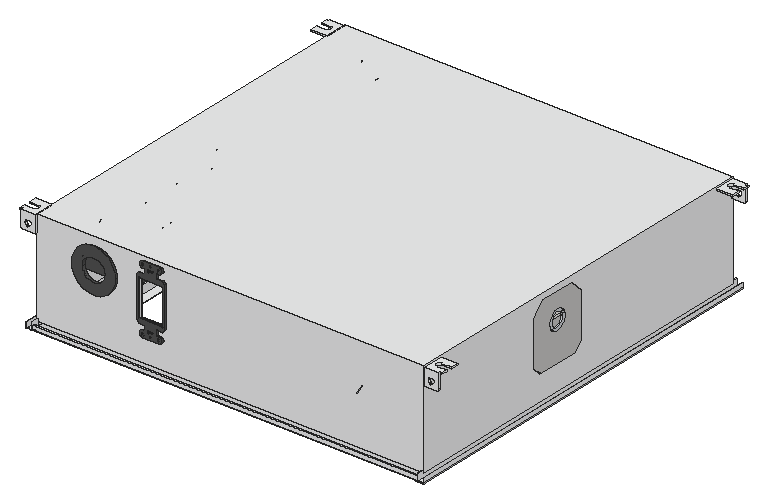
Revit family "AV-Connectivity_Ceiling-Boxes_CB-22_FSR", category Specialty Equipment, host Ceiling, Revit 2026
Family settings
  Host = Ceiling
  Round Connector Dimension = Use Diameter
  Part Type = Normal
  Classification Number = 23.80.00.00
  Enable Cutting in Views = No
  Always vertical = Yes
  Cut with Voids When Loaded = No
  Maintain Annotation Orientation = No
  Shared = No
  Room Calculation Point = No
Parameters
  URL = "https://fsrinc.com"
  Specification = "https://www.arcat.com/company/fsr-inc-40389/spec"
  Product Page URL = "https://www.arcat.com/company/fsr-inc-40389"
  Offset from Ceiling [instance] = 0' - 0"
  Model = "CB-22"
  Manufacturer = "FSR Inc."
  Keynote = "26 27 26"
  Default Elevation = 0' - 0"
  Copyright = "ARCAT"
  CAD Details = "https://www.arcat.com/company/fsr-inc-40389/cad"
Reference planes (in)
  plane 1 "Center (Front/Back)": y = 0
  plane 2 "Ceiling": z = 96
  plane 3 "Center (Left/Right)": x = 0
  plane 4: x = -11.53678
  plane 5: y = -11.46482
  plane 6: y = 11.46482
  plane 7: x = 11.53678
  plane 8: z = 94.39097
  plane 9: z = 102
  plane 10: z = 96
Forms (in)
  Extrusion 1, void
    sketch origin (0, 0, 96) x (1, 0, 0) y (0, 1, 0)
      loop
        line (11.53678, 11.46482) -> (-11.53678, 11.46482) -> (-11.53678, -11.46482) -> (11.53678, -11.46482) -> (11.53678, 11.46482)
    from -1.60903 to 6
Dimensions and locks (in)
  equal spacing: host sketch curve, plane 3 "Center (Left/Right)", host sketch curve
  equal spacing: host sketch curve, plane 1 "Center (Front/Back)", host sketch curve
  host sketch curve to host sketch curve = 10' - 0"  (x2)
  locked: plane 2 "Ceiling" to plane 8 at 1.60903
  "Offset from Ceiling": plane 2 "Ceiling" to plane 10
  locked: plane 9 to plane 10 at 6
  aligned and locked: plane 1 "Center (Front/Back)" to nested 1
  aligned and locked: Extrusion 1 sketch curve to plane 6
  aligned and locked: Extrusion 1 sketch curve to plane 4
  aligned and locked: Extrusion 1 sketch curve to plane 7
  aligned and locked: Extrusion 1 sketch curve to plane 5
  aligned and locked: Extrusion 1 to plane 8
  aligned and locked: plane 9 to Extrusion 1
  aligned and locked: plane 3 "Center (Left/Right)" to nested 1
  aligned and locked: plane 10 to nested 1
Nested families (in)
  nested 1: "CB-22-1" at (0, 0, 96.27602), type "CB-22"
Definition of nested family "CB-22-1"
  Parameters (values of type "CB-22")
    White = none
    Tray = none
    Black = none
    Default Elevation = 4' - 0"
    Box Material = none
  Reference planes (in)
    plane 1 "Center (Front/Back)": y = 0
    plane 2: z = 0
    plane 3 "Center (Left/Right)": x = 0
    plane 4: x = -11.845
    plane 5: x = 11.845
    plane 6: x = -11.53678
    plane 7: x = -11.46647
    plane 8: x = 11.53678
    plane 9: x = 11.45677
    plane 10: x = 8.74409
    plane 11: x = -9.07311
    plane 12: x = 9.36913
    plane 13: x = -9.69989
    plane 14: y = 11.82285
    plane 15: y = -11.86665
    plane 16: z = 0
    plane 17: y = 10.74788
    plane 18: y = -10.79178
    plane 19: y = 11.39372
    plane 20: y = -11.39372
    plane 21: z = -2.18132
    plane 22: z = 8.12417
  Forms (in)
    Extrusion 1, solid, material <- "Box Material"
      sketch origin (0, -19.78167, 0) x (0, -1, 0) y (1, 0, 0)
        loop
          line (-31.2465, -11.53678) -> (-8.31685, -11.53678) -> (-8.31685, 11.53678) -> (-31.2465, 11.53678) -> (-31.2465, -11.53678)
        loop
          line (-31.17539, -11.46647) -> (-8.38795, -11.46647) -> (-8.38795, 11.45677) -> (-31.17539, 11.45677) -> (-31.17539, -11.46647)
      from 5.68838 to 0
    Sweep 2, solid, material <- "Box Material"
      path origin (0, -19.78167, 0) x (0, -1, 0) y (1, 0, 0)
        loop
          line (-31.60452, -11.46647) -> (-7.91502, -11.46647)
      profile origin (-11.46647, -0.0219, 0) x (1, 0, 0) y (0, 0, 1)
        loop
          line (-0.34263, 0) -> (-0.37853, 0) -> (-0.37853, -0.26802)
          arc (-0.37853, -0.26802) -> (-0.36567, -0.29906) -> (-0.33463, -0.31192) r 0.0439
          line (-0.33463, -0.31192) -> (-0.04241, -0.31192)
          arc (-0.04241, -0.31192) -> (-0.01568, -0.30284) -> (0, -0.27937) r 0.0439
          line (0, -0.27937) -> (0, 0.12611) -> (-0.03441, 0.12611) -> (-0.03441, -0.27602) -> (-0.34263, -0.27602) -> (-0.34263, 0)
    Extrusion 3, solid, material <- "Box Material"
      sketch origin (0, -19.78167, 11.30646) x (0, -1, 0) y (1, 0, 0)
        loop
          line (-31.17539, -11.46647) -> (-8.38795, -11.46647) -> (-8.38795, 11.45677) -> (-31.17539, 11.45677) -> (-31.17539, -11.46647)
      from -5.68838 to -5.61807
    Extrusion 4, solid, material <- "Tray"
      sketch origin (0, -17.09344, 0) x (1, 0, 0) y (0, 0, -1)
        loop
          line (-3.07921, -1.0271) -> (-3.07921, -1.64183)
          arc (-3.07921, -1.64183) -> (-3.05861, -1.69155) -> (-3.0089, -1.71215) r 0.07031
          line (-3.0089, -1.71215) -> (8.91095, -1.71215)
          arc (8.91095, -1.71215) -> (8.96091, -1.69145) -> (8.98161, -1.64149) r 0.07065
          line (8.98161, -1.64149) -> (8.98161, -1.0271) -> (8.9196, -1.0271) -> (8.9196, -1.65014) -> (-3.0172, -1.65014) -> (-3.0172, -1.0271) -> (-3.07921, -1.0271)
      from 5.69972 to 28.48716
    Extrusion 5, void
      sketch origin (0, -19.78167, 0) x (0, -1, 0) y (1, 0, 0)
        loop
          arc (-28.97959, -1.98958) -> (-29.08991, -1.98958) -> (-29.08991, -2.0999) r 0.07801
          line (-29.08991, -2.0999) -> (-28.49307, -2.69674)
          arc (-28.49307, -2.69674) -> (-28.38275, -2.69674) -> (-28.38275, -2.58642) r 0.07801
          line (-28.38275, -2.58642) -> (-28.97959, -1.98958)
        loop
          arc (-28.18184, -2.58642) -> (-28.18184, -2.69674) -> (-28.07153, -2.69674) r 0.07801
          line (-28.07153, -2.69674) -> (-27.47469, -2.0999)
          arc (-27.47469, -2.0999) -> (-27.47469, -1.98958) -> (-27.58501, -1.98958) r 0.07801
          line (-27.58501, -1.98958) -> (-28.18184, -2.58642)
        loop
          arc (-28.97959, -1.33454) -> (-29.08991, -1.33454) -> (-29.08991, -1.44485) r 0.07801
          line (-29.08991, -1.44485) -> (-28.49307, -2.04169)
          arc (-28.49307, -2.04169) -> (-28.38275, -2.04169) -> (-28.38275, -1.93138) r 0.07801
          line (-28.38275, -1.93138) -> (-28.97959, -1.33454)
        loop
          arc (-28.18184, -1.93138) -> (-28.18184, -2.04169) -> (-28.07153, -2.04169) r 0.07801
          line (-28.07153, -2.04169) -> (-27.47469, -1.44485)
          arc (-27.47469, -1.44485) -> (-27.47469, -1.33454) -> (-27.58501, -1.33454) r 0.07801
          line (-27.58501, -1.33454) -> (-28.18184, -1.93138)
        loop
          arc (-28.97959, -0.8345) -> (-29.08991, -0.8345) -> (-29.08991, -0.94482) r 0.07801
          line (-29.08991, -0.94482) -> (-28.49307, -1.54166)
          arc (-28.49307, -1.54166) -> (-28.38275, -1.54166) -> (-28.38275, -1.43134) r 0.07801
          line (-28.38275, -1.43134) -> (-28.97959, -0.8345)
        loop
          arc (-28.18184, -1.43134) -> (-28.18184, -1.54166) -> (-28.07153, -1.54166) r 0.07801
          line (-28.07153, -1.54166) -> (-27.47469, -0.94482)
          arc (-27.47469, -0.94482) -> (-27.47469, -0.8345) -> (-27.58501, -0.8345) r 0.07801
          line (-27.58501, -0.8345) -> (-28.18184, -1.43134)
        loop
          arc (-28.97959, -0.33571) -> (-29.08991, -0.33571) -> (-29.08991, -0.44603) r 0.07801
          line (-29.08991, -0.44603) -> (-28.49307, -1.04286)
          arc (-28.49307, -1.04286) -> (-28.38275, -1.04286) -> (-28.38275, -0.93255) r 0.07801
          line (-28.38275, -0.93255) -> (-28.97959, -0.33571)
        loop
          arc (-28.18184, -0.93255) -> (-28.18184, -1.04286) -> (-28.07153, -1.04286) r 0.07801
          line (-28.07153, -1.04286) -> (-27.47469, -0.44603)
          arc (-27.47469, -0.44603) -> (-27.47469, -0.33571) -> (-27.58501, -0.33571) r 0.07801
          line (-27.58501, -0.33571) -> (-28.18184, -0.93255)
        loop
          arc (-28.97959, 0.16556) -> (-29.08991, 0.16556) -> (-29.08991, 0.05525) r 0.07801
          line (-29.08991, 0.05525) -> (-28.49307, -0.54159)
          arc (-28.49307, -0.54159) -> (-28.38275, -0.54159) -> (-28.38275, -0.43127) r 0.07801
          line (-28.38275, -0.43127) -> (-28.97959, 0.16556)
        loop
          arc (-28.18184, -0.43127) -> (-28.18184, -0.54159) -> (-28.07153, -0.54159) r 0.07801
          line (-28.07153, -0.54159) -> (-27.47469, 0.05525)
          arc (-27.47469, 0.05525) -> (-27.47469, 0.16556) -> (-27.58501, 0.16556) r 0.07801
          line (-27.58501, 0.16556) -> (-28.18184, -0.43127)
        loop
          arc (-28.97959, 0.66436) -> (-29.08991, 0.66436) -> (-29.08991, 0.55404) r 0.07801
          line (-29.08991, 0.55404) -> (-28.49307, -0.0428)
          arc (-28.49307, -0.0428) -> (-28.38275, -0.0428) -> (-28.38275, 0.06752) r 0.07801
          line (-28.38275, 0.06752) -> (-28.97959, 0.66436)
        loop
          arc (-28.18184, 0.06752) -> (-28.18184, -0.0428) -> (-28.07153, -0.0428) r 0.07801
          line (-28.07153, -0.0428) -> (-27.47469, 0.55404)
          arc (-27.47469, 0.55404) -> (-27.47469, 0.66436) -> (-27.58501, 0.66436) r 0.07801
          line (-27.58501, 0.66436) -> (-28.18184, 0.06752)
        loop
          arc (-28.97959, 1.16439) -> (-29.08991, 1.16439) -> (-29.08991, 1.05408) r 0.07801
          line (-29.08991, 1.05408) -> (-28.49307, 0.45724)
          arc (-28.49307, 0.45724) -> (-28.38275, 0.45724) -> (-28.38275, 0.56755) r 0.07801
          line (-28.38275, 0.56755) -> (-28.97959, 1.16439)
        loop
          arc (-28.18184, 0.56755) -> (-28.18184, 0.45724) -> (-28.07153, 0.45724) r 0.07801
          line (-28.07153, 0.45724) -> (-27.47469, 1.05408)
          arc (-27.47469, 1.05408) -> (-27.47469, 1.16439) -> (-27.58501, 1.16439) r 0.07801
          line (-27.58501, 1.16439) -> (-28.18184, 0.56755)
        loop
          arc (-28.97959, 1.66319) -> (-29.08991, 1.66319) -> (-29.08991, 1.55287) r 0.07801
          line (-29.08991, 1.55287) -> (-28.49307, 0.95603)
          arc (-28.49307, 0.95603) -> (-28.38275, 0.95603) -> (-28.38275, 1.06635) r 0.07801
          line (-28.38275, 1.06635) -> (-28.97959, 1.66319)
        loop
          arc (-28.18184, 1.06635) -> (-28.18184, 0.95603) -> (-28.07153, 0.95603) r 0.07801
          line (-28.07153, 0.95603) -> (-27.47469, 1.55287)
          arc (-27.47469, 1.55287) -> (-27.47469, 1.66319) -> (-27.58501, 1.66319) r 0.07801
          line (-27.58501, 1.66319) -> (-28.18184, 1.06635)
        loop
          arc (-28.97959, 2.16694) -> (-29.08991, 2.16694) -> (-29.08991, 2.05662) r 0.07801
          line (-29.08991, 2.05662) -> (-28.49307, 1.45978)
          arc (-28.49307, 1.45978) -> (-28.38275, 1.45978) -> (-28.38275, 1.5701) r 0.07801
          line (-28.38275, 1.5701) -> (-28.97959, 2.16694)
        loop
          arc (-28.18184, 1.5701) -> (-28.18184, 1.45978) -> (-28.07153, 1.45978) r 0.07801
          line (-28.07153, 1.45978) -> (-27.47469, 2.05662)
          arc (-27.47469, 2.05662) -> (-27.47469, 2.16694) -> (-27.58501, 2.16694) r 0.07801
          line (-27.58501, 2.16694) -> (-28.18184, 1.5701)
        loop
          arc (-28.97959, 2.66573) -> (-29.08991, 2.66573) -> (-29.08991, 2.55542) r 0.07801
          line (-29.08991, 2.55542) -> (-28.49307, 1.95858)
          arc (-28.49307, 1.95858) -> (-28.38275, 1.95858) -> (-28.38275, 2.0689) r 0.07801
          line (-28.38275, 2.0689) -> (-28.97959, 2.66573)
        loop
          arc (-28.18184, 2.0689) -> (-28.18184, 1.95858) -> (-28.07153, 1.95858) r 0.07801
          line (-28.07153, 1.95858) -> (-27.47469, 2.55542)
          arc (-27.47469, 2.55542) -> (-27.47469, 2.66573) -> (-27.58501, 2.66573) r 0.07801
          line (-27.58501, 2.66573) -> (-28.18184, 2.0689)
        loop
          line (-28.97959, 7.89198) -> (-28.38275, 8.48882)
          arc (-28.38275, 8.48882) -> (-28.38275, 8.59913) -> (-28.49307, 8.59913) r 0.07801
          line (-28.49307, 8.59913) -> (-29.08991, 8.0023)
          arc (-29.08991, 8.0023) -> (-29.08991, 7.89198) -> (-28.97959, 7.89198) r 0.07801
        loop
          line (-28.18184, 8.48882) -> (-27.58501, 7.89198)
          arc (-27.58501, 7.89198) -> (-27.47469, 7.89198) -> (-27.47469, 8.0023) r 0.07801
          line (-27.47469, 8.0023) -> (-28.07153, 8.59913)
          arc (-28.07153, 8.59913) -> (-28.18184, 8.59913) -> (-28.18184, 8.48882) r 0.07801
        loop
          line (-28.97959, 7.23694) -> (-28.38275, 7.83377)
          arc (-28.38275, 7.83377) -> (-28.38275, 7.94409) -> (-28.49307, 7.94409) r 0.07801
          line (-28.49307, 7.94409) -> (-29.08991, 7.34725)
          arc (-29.08991, 7.34725) -> (-29.08991, 7.23694) -> (-28.97959, 7.23694) r 0.07801
        loop
          line (-28.18184, 7.83377) -> (-27.58501, 7.23694)
          arc (-27.58501, 7.23694) -> (-27.47469, 7.23694) -> (-27.47469, 7.34725) r 0.07801
          line (-27.47469, 7.34725) -> (-28.07153, 7.94409)
          arc (-28.07153, 7.94409) -> (-28.18184, 7.94409) -> (-28.18184, 7.83377) r 0.07801
        loop
          line (-28.97959, 6.7369) -> (-28.38275, 7.33374)
          arc (-28.38275, 7.33374) -> (-28.38275, 7.44406) -> (-28.49307, 7.44406) r 0.07801
          line (-28.49307, 7.44406) -> (-29.08991, 6.84722)
          arc (-29.08991, 6.84722) -> (-29.08991, 6.7369) -> (-28.97959, 6.7369) r 0.07801
        loop
          line (-28.18184, 7.33374) -> (-27.58501, 6.7369)
          arc (-27.58501, 6.7369) -> (-27.47469, 6.7369) -> (-27.47469, 6.84722) r 0.07801
          line (-27.47469, 6.84722) -> (-28.07153, 7.44406)
          arc (-28.07153, 7.44406) -> (-28.18184, 7.44406) -> (-28.18184, 7.33374) r 0.07801
        loop
          line (-28.97959, 6.23811) -> (-28.38275, 6.83495)
          arc (-28.38275, 6.83495) -> (-28.38275, 6.94526) -> (-28.49307, 6.94526) r 0.07801
          line (-28.49307, 6.94526) -> (-29.08991, 6.34842)
          arc (-29.08991, 6.34842) -> (-29.08991, 6.23811) -> (-28.97959, 6.23811) r 0.07801
        loop
          line (-28.18184, 6.83495) -> (-27.58501, 6.23811)
          arc (-27.58501, 6.23811) -> (-27.47469, 6.23811) -> (-27.47469, 6.34842) r 0.07801
          line (-27.47469, 6.34842) -> (-28.07153, 6.94526)
          arc (-28.07153, 6.94526) -> (-28.18184, 6.94526) -> (-28.18184, 6.83495) r 0.07801
        loop
          line (-28.97959, 5.73683) -> (-28.38275, 6.33367)
          arc (-28.38275, 6.33367) -> (-28.38275, 6.44399) -> (-28.49307, 6.44399) r 0.07801
          line (-28.49307, 6.44399) -> (-29.08991, 5.84715)
          arc (-29.08991, 5.84715) -> (-29.08991, 5.73683) -> (-28.97959, 5.73683) r 0.07801
        loop
          line (-28.18184, 6.33367) -> (-27.58501, 5.73683)
          arc (-27.58501, 5.73683) -> (-27.47469, 5.73683) -> (-27.47469, 5.84715) r 0.07801
          line (-27.47469, 5.84715) -> (-28.07153, 6.44399)
          arc (-28.07153, 6.44399) -> (-28.18184, 6.44399) -> (-28.18184, 6.33367) r 0.07801
        loop
          line (-28.97959, 5.23804) -> (-28.38275, 5.83488)
          arc (-28.38275, 5.83488) -> (-28.38275, 5.94519) -> (-28.49307, 5.94519) r 0.07801
          line (-28.49307, 5.94519) -> (-29.08991, 5.34836)
          arc (-29.08991, 5.34836) -> (-29.08991, 5.23804) -> (-28.97959, 5.23804) r 0.07801
        loop
          line (-28.18184, 5.83488) -> (-27.58501, 5.23804)
          arc (-27.58501, 5.23804) -> (-27.47469, 5.23804) -> (-27.47469, 5.34836) r 0.07801
          line (-27.47469, 5.34836) -> (-28.07153, 5.94519)
          arc (-28.07153, 5.94519) -> (-28.18184, 5.94519) -> (-28.18184, 5.83488) r 0.07801
        loop
          line (-28.97959, 4.73801) -> (-28.38275, 5.33484)
          arc (-28.38275, 5.33484) -> (-28.38275, 5.44516) -> (-28.49307, 5.44516) r 0.07801
          line (-28.49307, 5.44516) -> (-29.08991, 4.84832)
          arc (-29.08991, 4.84832) -> (-29.08991, 4.73801) -> (-28.97959, 4.73801) r 0.07801
        loop
          line (-28.18184, 5.33484) -> (-27.58501, 4.73801)
          arc (-27.58501, 4.73801) -> (-27.47469, 4.73801) -> (-27.47469, 4.84832) r 0.07801
          line (-27.47469, 4.84832) -> (-28.07153, 5.44516)
          arc (-28.07153, 5.44516) -> (-28.18184, 5.44516) -> (-28.18184, 5.33484) r 0.07801
        loop
          line (-28.97959, 4.23921) -> (-28.38275, 4.83605)
          arc (-28.38275, 4.83605) -> (-28.38275, 4.94637) -> (-28.49307, 4.94637) r 0.07801
          line (-28.49307, 4.94637) -> (-29.08991, 4.34953)
          arc (-29.08991, 4.34953) -> (-29.08991, 4.23921) -> (-28.97959, 4.23921) r 0.07801
        loop
          line (-28.18184, 4.83605) -> (-27.58501, 4.23921)
          arc (-27.58501, 4.23921) -> (-27.47469, 4.23921) -> (-27.47469, 4.34953) r 0.07801
          line (-27.47469, 4.34953) -> (-28.07153, 4.94637)
          arc (-28.07153, 4.94637) -> (-28.18184, 4.94637) -> (-28.18184, 4.83605) r 0.07801
        loop
          line (-28.97959, 3.73546) -> (-28.38275, 4.3323)
          arc (-28.38275, 4.3323) -> (-28.38275, 4.44261) -> (-28.49307, 4.44261) r 0.07801
          line (-28.49307, 4.44261) -> (-29.08991, 3.84578)
          arc (-29.08991, 3.84578) -> (-29.08991, 3.73546) -> (-28.97959, 3.73546) r 0.07801
        loop
          line (-28.18184, 4.3323) -> (-27.58501, 3.73546)
          arc (-27.58501, 3.73546) -> (-27.47469, 3.73546) -> (-27.47469, 3.84578) r 0.07801
          line (-27.47469, 3.84578) -> (-28.07153, 4.44261)
          arc (-28.07153, 4.44261) -> (-28.18184, 4.44261) -> (-28.18184, 4.3323) r 0.07801
        loop
          line (-28.97959, 3.23667) -> (-28.38275, 3.8335)
          arc (-28.38275, 3.8335) -> (-28.38275, 3.94382) -> (-28.49307, 3.94382) r 0.07801
          line (-28.49307, 3.94382) -> (-29.08991, 3.34698)
          arc (-29.08991, 3.34698) -> (-29.08991, 3.23667) -> (-28.97959, 3.23667) r 0.07801
        loop
          line (-28.18184, 3.8335) -> (-27.58501, 3.23667)
          arc (-27.58501, 3.23667) -> (-27.47469, 3.23667) -> (-27.47469, 3.34698) r 0.07801
          line (-27.47469, 3.34698) -> (-28.07153, 3.94382)
          arc (-28.07153, 3.94382) -> (-28.18184, 3.94382) -> (-28.18184, 3.8335) r 0.07801
        loop
          line (-24.24232, -1.98958) -> (-24.83916, -2.58642)
          arc (-24.83916, -2.58642) -> (-24.83916, -2.69674) -> (-24.72884, -2.69674) r 0.07801
          line (-24.72884, -2.69674) -> (-24.132, -2.0999)
          arc (-24.132, -2.0999) -> (-24.132, -1.98958) -> (-24.24232, -1.98958) r 0.07801
        loop
          line (-25.04006, -2.58642) -> (-25.6369, -1.98958)
          arc (-25.6369, -1.98958) -> (-25.74722, -1.98958) -> (-25.74722, -2.0999) r 0.07801
          line (-25.74722, -2.0999) -> (-25.15038, -2.69674)
          arc (-25.15038, -2.69674) -> (-25.04006, -2.69674) -> (-25.04006, -2.58642) r 0.07801
        loop
          line (-24.24232, -1.33454) -> (-24.83916, -1.93138)
          arc (-24.83916, -1.93138) -> (-24.83916, -2.04169) -> (-24.72884, -2.04169) r 0.07801
          line (-24.72884, -2.04169) -> (-24.132, -1.44485)
          arc (-24.132, -1.44485) -> (-24.132, -1.33454) -> (-24.24232, -1.33454) r 0.07801
        loop
          line (-25.04006, -1.93138) -> (-25.6369, -1.33454)
          arc (-25.6369, -1.33454) -> (-25.74722, -1.33454) -> (-25.74722, -1.44485) r 0.07801
          line (-25.74722, -1.44485) -> (-25.15038, -2.04169)
          arc (-25.15038, -2.04169) -> (-25.04006, -2.04169) -> (-25.04006, -1.93138) r 0.07801
        loop
          line (-24.24232, -0.8345) -> (-24.83916, -1.43134)
          arc (-24.83916, -1.43134) -> (-24.83916, -1.54166) -> (-24.72884, -1.54166) r 0.07801
          line (-24.72884, -1.54166) -> (-24.132, -0.94482)
          arc (-24.132, -0.94482) -> (-24.132, -0.8345) -> (-24.24232, -0.8345) r 0.07801
        loop
          line (-25.04006, -1.43134) -> (-25.6369, -0.8345)
          arc (-25.6369, -0.8345) -> (-25.74722, -0.8345) -> (-25.74722, -0.94482) r 0.07801
          line (-25.74722, -0.94482) -> (-25.15038, -1.54166)
          arc (-25.15038, -1.54166) -> (-25.04006, -1.54166) -> (-25.04006, -1.43134) r 0.07801
        loop
          line (-24.24232, -0.33571) -> (-24.83916, -0.93255)
          arc (-24.83916, -0.93255) -> (-24.83916, -1.04286) -> (-24.72884, -1.04286) r 0.07801
          line (-24.72884, -1.04286) -> (-24.132, -0.44603)
          arc (-24.132, -0.44603) -> (-24.132, -0.33571) -> (-24.24232, -0.33571) r 0.07801
        loop
          line (-25.04006, -0.93255) -> (-25.6369, -0.33571)
          arc (-25.6369, -0.33571) -> (-25.74722, -0.33571) -> (-25.74722, -0.44603) r 0.07801
          line (-25.74722, -0.44603) -> (-25.15038, -1.04286)
          arc (-25.15038, -1.04286) -> (-25.04006, -1.04286) -> (-25.04006, -0.93255) r 0.07801
        loop
          line (-24.24232, 0.16556) -> (-24.83916, -0.43127)
          arc (-24.83916, -0.43127) -> (-24.83916, -0.54159) -> (-24.72884, -0.54159) r 0.07801
          line (-24.72884, -0.54159) -> (-24.132, 0.05525)
          arc (-24.132, 0.05525) -> (-24.132, 0.16556) -> (-24.24232, 0.16556) r 0.07801
        loop
          line (-25.04006, -0.43127) -> (-25.6369, 0.16556)
          arc (-25.6369, 0.16556) -> (-25.74722, 0.16556) -> (-25.74722, 0.05525) r 0.07801
          line (-25.74722, 0.05525) -> (-25.15038, -0.54159)
          arc (-25.15038, -0.54159) -> (-25.04006, -0.54159) -> (-25.04006, -0.43127) r 0.07801
        loop
          line (-24.24232, 0.66436) -> (-24.83916, 0.06752)
          arc (-24.83916, 0.06752) -> (-24.83916, -0.0428) -> (-24.72884, -0.0428) r 0.07801
          line (-24.72884, -0.0428) -> (-24.132, 0.55404)
          arc (-24.132, 0.55404) -> (-24.132, 0.66436) -> (-24.24232, 0.66436) r 0.07801
        loop
          line (-25.04006, 0.06752) -> (-25.6369, 0.66436)
          arc (-25.6369, 0.66436) -> (-25.74722, 0.66436) -> (-25.74722, 0.55404) r 0.07801
          line (-25.74722, 0.55404) -> (-25.15038, -0.0428)
          arc (-25.15038, -0.0428) -> (-25.04006, -0.0428) -> (-25.04006, 0.06752) r 0.07801
        loop
          line (-24.24232, 1.16439) -> (-24.83916, 0.56755)
          arc (-24.83916, 0.56755) -> (-24.83916, 0.45724) -> (-24.72884, 0.45724) r 0.07801
          line (-24.72884, 0.45724) -> (-24.132, 1.05408)
          arc (-24.132, 1.05408) -> (-24.132, 1.16439) -> (-24.24232, 1.16439) r 0.07801
        loop
          line (-25.04006, 0.56755) -> (-25.6369, 1.16439)
          arc (-25.6369, 1.16439) -> (-25.74722, 1.16439) -> (-25.74722, 1.05408) r 0.07801
          line (-25.74722, 1.05408) -> (-25.15038, 0.45724)
          arc (-25.15038, 0.45724) -> (-25.04006, 0.45724) -> (-25.04006, 0.56755) r 0.07801
        loop
          line (-24.24232, 1.66319) -> (-24.83916, 1.06635)
          arc (-24.83916, 1.06635) -> (-24.83916, 0.95603) -> (-24.72884, 0.95603) r 0.07801
          line (-24.72884, 0.95603) -> (-24.132, 1.55287)
          arc (-24.132, 1.55287) -> (-24.132, 1.66319) -> (-24.24232, 1.66319) r 0.07801
        loop
          line (-25.04006, 1.06635) -> (-25.6369, 1.66319)
          arc (-25.6369, 1.66319) -> (-25.74722, 1.66319) -> (-25.74722, 1.55287) r 0.07801
          line (-25.74722, 1.55287) -> (-25.15038, 0.95603)
          arc (-25.15038, 0.95603) -> (-25.04006, 0.95603) -> (-25.04006, 1.06635) r 0.07801
        loop
          line (-24.24232, 2.16694) -> (-24.83916, 1.5701)
          arc (-24.83916, 1.5701) -> (-24.83916, 1.45978) -> (-24.72884, 1.45978) r 0.07801
          line (-24.72884, 1.45978) -> (-24.132, 2.05662)
          arc (-24.132, 2.05662) -> (-24.132, 2.16694) -> (-24.24232, 2.16694) r 0.07801
        loop
          line (-25.04006, 1.5701) -> (-25.6369, 2.16694)
          arc (-25.6369, 2.16694) -> (-25.74722, 2.16694) -> (-25.74722, 2.05662) r 0.07801
          line (-25.74722, 2.05662) -> (-25.15038, 1.45978)
          arc (-25.15038, 1.45978) -> (-25.04006, 1.45978) -> (-25.04006, 1.5701) r 0.07801
        loop
          line (-24.24232, 2.66573) -> (-24.83916, 2.0689)
          arc (-24.83916, 2.0689) -> (-24.83916, 1.95858) -> (-24.72884, 1.95858) r 0.07801
          line (-24.72884, 1.95858) -> (-24.132, 2.55542)
          arc (-24.132, 2.55542) -> (-24.132, 2.66573) -> (-24.24232, 2.66573) r 0.07801
        loop
          line (-25.04006, 2.0689) -> (-25.6369, 2.66573)
          arc (-25.6369, 2.66573) -> (-25.74722, 2.66573) -> (-25.74722, 2.55542) r 0.07801
          line (-25.74722, 2.55542) -> (-25.15038, 1.95858)
          arc (-25.15038, 1.95858) -> (-25.04006, 1.95858) -> (-25.04006, 2.0689) r 0.07801
        loop
          arc (-24.24232, 7.89198) -> (-24.132, 7.89198) -> (-24.132, 8.0023) r 0.07801
          line (-24.132, 8.0023) -> (-24.72884, 8.59913)
          arc (-24.72884, 8.59913) -> (-24.83916, 8.59913) -> (-24.83916, 8.48882) r 0.07801
          line (-24.83916, 8.48882) -> (-24.24232, 7.89198)
        loop
          arc (-25.04006, 8.48882) -> (-25.04006, 8.59913) -> (-25.15038, 8.59913) r 0.07801
          line (-25.15038, 8.59913) -> (-25.74722, 8.0023)
          arc (-25.74722, 8.0023) -> (-25.74722, 7.89198) -> (-25.6369, 7.89198) r 0.07801
          line (-25.6369, 7.89198) -> (-25.04006, 8.48882)
        loop
          arc (-24.24232, 7.23694) -> (-24.132, 7.23694) -> (-24.132, 7.34725) r 0.07801
          line (-24.132, 7.34725) -> (-24.72884, 7.94409)
          arc (-24.72884, 7.94409) -> (-24.83916, 7.94409) -> (-24.83916, 7.83377) r 0.07801
          line (-24.83916, 7.83377) -> (-24.24232, 7.23694)
        loop
          arc (-25.04006, 7.83377) -> (-25.04006, 7.94409) -> (-25.15038, 7.94409) r 0.07801
          line (-25.15038, 7.94409) -> (-25.74722, 7.34725)
          arc (-25.74722, 7.34725) -> (-25.74722, 7.23694) -> (-25.6369, 7.23694) r 0.07801
          line (-25.6369, 7.23694) -> (-25.04006, 7.83377)
        loop
          arc (-24.24232, 6.7369) -> (-24.132, 6.7369) -> (-24.132, 6.84722) r 0.07801
          line (-24.132, 6.84722) -> (-24.72884, 7.44406)
          arc (-24.72884, 7.44406) -> (-24.83916, 7.44406) -> (-24.83916, 7.33374) r 0.07801
          line (-24.83916, 7.33374) -> (-24.24232, 6.7369)
        loop
          arc (-25.04006, 7.33374) -> (-25.04006, 7.44406) -> (-25.15038, 7.44406) r 0.07801
          line (-25.15038, 7.44406) -> (-25.74722, 6.84722)
          arc (-25.74722, 6.84722) -> (-25.74722, 6.7369) -> (-25.6369, 6.7369) r 0.07801
          line (-25.6369, 6.7369) -> (-25.04006, 7.33374)
        loop
          arc (-24.24232, 6.23811) -> (-24.132, 6.23811) -> (-24.132, 6.34842) r 0.07801
          line (-24.132, 6.34842) -> (-24.72884, 6.94526)
          arc (-24.72884, 6.94526) -> (-24.83916, 6.94526) -> (-24.83916, 6.83495) r 0.07801
          line (-24.83916, 6.83495) -> (-24.24232, 6.23811)
        loop
          arc (-25.04006, 6.83495) -> (-25.04006, 6.94526) -> (-25.15038, 6.94526) r 0.07801
          line (-25.15038, 6.94526) -> (-25.74722, 6.34842)
          arc (-25.74722, 6.34842) -> (-25.74722, 6.23811) -> (-25.6369, 6.23811) r 0.07801
          line (-25.6369, 6.23811) -> (-25.04006, 6.83495)
        loop
          arc (-24.24232, 5.73683) -> (-24.132, 5.73683) -> (-24.132, 5.84715) r 0.07801
          line (-24.132, 5.84715) -> (-24.72884, 6.44399)
          arc (-24.72884, 6.44399) -> (-24.83916, 6.44399) -> (-24.83916, 6.33367) r 0.07801
          line (-24.83916, 6.33367) -> (-24.24232, 5.73683)
        loop
          arc (-25.04006, 6.33367) -> (-25.04006, 6.44399) -> (-25.15038, 6.44399) r 0.07801
          line (-25.15038, 6.44399) -> (-25.74722, 5.84715)
          arc (-25.74722, 5.84715) -> (-25.74722, 5.73683) -> (-25.6369, 5.73683) r 0.07801
          line (-25.6369, 5.73683) -> (-25.04006, 6.33367)
        loop
          arc (-24.24232, 5.23804) -> (-24.132, 5.23804) -> (-24.132, 5.34836) r 0.07801
          line (-24.132, 5.34836) -> (-24.72884, 5.94519)
          arc (-24.72884, 5.94519) -> (-24.83916, 5.94519) -> (-24.83916, 5.83488) r 0.07801
          line (-24.83916, 5.83488) -> (-24.24232, 5.23804)
        loop
          arc (-25.04006, 5.83488) -> (-25.04006, 5.94519) -> (-25.15038, 5.94519) r 0.07801
          line (-25.15038, 5.94519) -> (-25.74722, 5.34836)
          arc (-25.74722, 5.34836) -> (-25.74722, 5.23804) -> (-25.6369, 5.23804) r 0.07801
          line (-25.6369, 5.23804) -> (-25.04006, 5.83488)
        loop
          arc (-24.24232, 4.73801) -> (-24.132, 4.73801) -> (-24.132, 4.84832) r 0.07801
          line (-24.132, 4.84832) -> (-24.72884, 5.44516)
          arc (-24.72884, 5.44516) -> (-24.83916, 5.44516) -> (-24.83916, 5.33484) r 0.07801
          line (-24.83916, 5.33484) -> (-24.24232, 4.73801)
        loop
          arc (-25.04006, 5.33484) -> (-25.04006, 5.44516) -> (-25.15038, 5.44516) r 0.07801
          line (-25.15038, 5.44516) -> (-25.74722, 4.84832)
          arc (-25.74722, 4.84832) -> (-25.74722, 4.73801) -> (-25.6369, 4.73801) r 0.07801
          line (-25.6369, 4.73801) -> (-25.04006, 5.33484)
        loop
          arc (-24.24232, 4.23921) -> (-24.132, 4.23921) -> (-24.132, 4.34953) r 0.07801
          line (-24.132, 4.34953) -> (-24.72884, 4.94637)
          arc (-24.72884, 4.94637) -> (-24.83916, 4.94637) -> (-24.83916, 4.83605) r 0.07801
          line (-24.83916, 4.83605) -> (-24.24232, 4.23921)
        loop
          arc (-25.04006, 4.83605) -> (-25.04006, 4.94637) -> (-25.15038, 4.94637) r 0.07801
          line (-25.15038, 4.94637) -> (-25.74722, 4.34953)
          arc (-25.74722, 4.34953) -> (-25.74722, 4.23921) -> (-25.6369, 4.23921) r 0.07801
          line (-25.6369, 4.23921) -> (-25.04006, 4.83605)
        loop
          arc (-24.24232, 3.73546) -> (-24.132, 3.73546) -> (-24.132, 3.84578) r 0.07801
          line (-24.132, 3.84578) -> (-24.72884, 4.44261)
          arc (-24.72884, 4.44261) -> (-24.83916, 4.44261) -> (-24.83916, 4.3323) r 0.07801
          line (-24.83916, 4.3323) -> (-24.24232, 3.73546)
        loop
          arc (-25.04006, 4.3323) -> (-25.04006, 4.44261) -> (-25.15038, 4.44261) r 0.07801
          line (-25.15038, 4.44261) -> (-25.74722, 3.84578)
          arc (-25.74722, 3.84578) -> (-25.74722, 3.73546) -> (-25.6369, 3.73546) r 0.07801
          line (-25.6369, 3.73546) -> (-25.04006, 4.3323)
        loop
          arc (-24.24232, 3.23667) -> (-24.132, 3.23667) -> (-24.132, 3.34698) r 0.07801
          line (-24.132, 3.34698) -> (-24.72884, 3.94382)
          arc (-24.72884, 3.94382) -> (-24.83916, 3.94382) -> (-24.83916, 3.8335) r 0.07801
          line (-24.83916, 3.8335) -> (-24.24232, 3.23667)
        loop
          arc (-25.04006, 3.8335) -> (-25.04006, 3.94382) -> (-25.15038, 3.94382) r 0.07801
          line (-25.15038, 3.94382) -> (-25.74722, 3.34698)
          arc (-25.74722, 3.34698) -> (-25.74722, 3.23667) -> (-25.6369, 3.23667) r 0.07801
          line (-25.6369, 3.23667) -> (-25.04006, 3.8335)
        loop
          line (-22.43137, -1.98958) -> (-23.02821, -2.58642)
          arc (-23.02821, -2.58642) -> (-23.02821, -2.69674) -> (-22.9179, -2.69674) r 0.07801
          line (-22.9179, -2.69674) -> (-22.32106, -2.0999)
          arc (-22.32106, -2.0999) -> (-22.32106, -1.98958) -> (-22.43137, -1.98958) r 0.07801
        loop
          line (-23.22912, -2.58642) -> (-23.82596, -1.98958)
          arc (-23.82596, -1.98958) -> (-23.93627, -1.98958) -> (-23.93627, -2.0999) r 0.07801
          line (-23.93627, -2.0999) -> (-23.33944, -2.69674)
          arc (-23.33944, -2.69674) -> (-23.22912, -2.69674) -> (-23.22912, -2.58642) r 0.07801
        loop
          line (-22.43137, -1.33454) -> (-23.02821, -1.93138)
          arc (-23.02821, -1.93138) -> (-23.02821, -2.04169) -> (-22.9179, -2.04169) r 0.07801
          line (-22.9179, -2.04169) -> (-22.32106, -1.44485)
          arc (-22.32106, -1.44485) -> (-22.32106, -1.33454) -> (-22.43137, -1.33454) r 0.07801
        loop
          line (-23.22912, -1.93138) -> (-23.82596, -1.33454)
          arc (-23.82596, -1.33454) -> (-23.93627, -1.33454) -> (-23.93627, -1.44485) r 0.07801
          line (-23.93627, -1.44485) -> (-23.33944, -2.04169)
          arc (-23.33944, -2.04169) -> (-23.22912, -2.04169) -> (-23.22912, -1.93138) r 0.07801
        loop
          line (-22.43137, -0.8345) -> (-23.02821, -1.43134)
          arc (-23.02821, -1.43134) -> (-23.02821, -1.54166) -> (-22.9179, -1.54166) r 0.07801
          line (-22.9179, -1.54166) -> (-22.32106, -0.94482)
          arc (-22.32106, -0.94482) -> (-22.32106, -0.8345) -> (-22.43137, -0.8345) r 0.07801
        loop
          line (-23.22912, -1.43134) -> (-23.82596, -0.8345)
          arc (-23.82596, -0.8345) -> (-23.93627, -0.8345) -> (-23.93627, -0.94482) r 0.07801
          line (-23.93627, -0.94482) -> (-23.33944, -1.54166)
          arc (-23.33944, -1.54166) -> (-23.22912, -1.54166) -> (-23.22912, -1.43134) r 0.07801
        loop
          line (-22.43137, -0.33571) -> (-23.02821, -0.93255)
          arc (-23.02821, -0.93255) -> (-23.02821, -1.04286) -> (-22.9179, -1.04286) r 0.07801
          line (-22.9179, -1.04286) -> (-22.32106, -0.44603)
          arc (-22.32106, -0.44603) -> (-22.32106, -0.33571) -> (-22.43137, -0.33571) r 0.07801
        loop
          line (-23.22912, -0.93255) -> (-23.82596, -0.33571)
          arc (-23.82596, -0.33571) -> (-23.93627, -0.33571) -> (-23.93627, -0.44603) r 0.07801
          line (-23.93627, -0.44603) -> (-23.33944, -1.04286)
          arc (-23.33944, -1.04286) -> (-23.22912, -1.04286) -> (-23.22912, -0.93255) r 0.07801
        loop
          line (-22.43137, 0.16556) -> (-23.02821, -0.43127)
          arc (-23.02821, -0.43127) -> (-23.02821, -0.54159) -> (-22.9179, -0.54159) r 0.07801
          line (-22.9179, -0.54159) -> (-22.32106, 0.05525)
          arc (-22.32106, 0.05525) -> (-22.32106, 0.16556) -> (-22.43137, 0.16556) r 0.07801
        loop
          line (-23.22912, -0.43127) -> (-23.82596, 0.16556)
          arc (-23.82596, 0.16556) -> (-23.93627, 0.16556) -> (-23.93627, 0.05525) r 0.07801
          line (-23.93627, 0.05525) -> (-23.33944, -0.54159)
          arc (-23.33944, -0.54159) -> (-23.22912, -0.54159) -> (-23.22912, -0.43127) r 0.07801
        loop
          line (-22.43137, 0.66436) -> (-23.02821, 0.06752)
          arc (-23.02821, 0.06752) -> (-23.02821, -0.0428) -> (-22.9179, -0.0428) r 0.07801
          line (-22.9179, -0.0428) -> (-22.32106, 0.55404)
          arc (-22.32106, 0.55404) -> (-22.32106, 0.66436) -> (-22.43137, 0.66436) r 0.07801
        loop
          line (-23.22912, 0.06752) -> (-23.82596, 0.66436)
          arc (-23.82596, 0.66436) -> (-23.93627, 0.66436) -> (-23.93627, 0.55404) r 0.07801
          line (-23.93627, 0.55404) -> (-23.33944, -0.0428)
          arc (-23.33944, -0.0428) -> (-23.22912, -0.0428) -> (-23.22912, 0.06752) r 0.07801
        loop
          line (-22.43137, 1.16439) -> (-23.02821, 0.56755)
          arc (-23.02821, 0.56755) -> (-23.02821, 0.45724) -> (-22.9179, 0.45724) r 0.07801
          line (-22.9179, 0.45724) -> (-22.32106, 1.05408)
          arc (-22.32106, 1.05408) -> (-22.32106, 1.16439) -> (-22.43137, 1.16439) r 0.07801
        loop
          line (-23.22912, 0.56755) -> (-23.82596, 1.16439)
          arc (-23.82596, 1.16439) -> (-23.93627, 1.16439) -> (-23.93627, 1.05408) r 0.07801
          line (-23.93627, 1.05408) -> (-23.33944, 0.45724)
          arc (-23.33944, 0.45724) -> (-23.22912, 0.45724) -> (-23.22912, 0.56755) r 0.07801
        loop
          line (-22.43137, 1.66319) -> (-23.02821, 1.06635)
          arc (-23.02821, 1.06635) -> (-23.02821, 0.95603) -> (-22.9179, 0.95603) r 0.07801
          line (-22.9179, 0.95603) -> (-22.32106, 1.55287)
          arc (-22.32106, 1.55287) -> (-22.32106, 1.66319) -> (-22.43137, 1.66319) r 0.07801
        loop
          line (-23.22912, 1.06635) -> (-23.82596, 1.66319)
          arc (-23.82596, 1.66319) -> (-23.93627, 1.66319) -> (-23.93627, 1.55287) r 0.07801
          line (-23.93627, 1.55287) -> (-23.33944, 0.95603)
          arc (-23.33944, 0.95603) -> (-23.22912, 0.95603) -> (-23.22912, 1.06635) r 0.07801
        loop
          line (-22.43137, 2.16694) -> (-23.02821, 1.5701)
          arc (-23.02821, 1.5701) -> (-23.02821, 1.45978) -> (-22.9179, 1.45978) r 0.07801
          line (-22.9179, 1.45978) -> (-22.32106, 2.05662)
          arc (-22.32106, 2.05662) -> (-22.32106, 2.16694) -> (-22.43137, 2.16694) r 0.07801
        loop
          line (-23.22912, 1.5701) -> (-23.82596, 2.16694)
          arc (-23.82596, 2.16694) -> (-23.93627, 2.16694) -> (-23.93627, 2.05662) r 0.07801
          line (-23.93627, 2.05662) -> (-23.33944, 1.45978)
          arc (-23.33944, 1.45978) -> (-23.22912, 1.45978) -> (-23.22912, 1.5701) r 0.07801
        loop
          line (-22.43137, 2.66573) -> (-23.02821, 2.0689)
          arc (-23.02821, 2.0689) -> (-23.02821, 1.95858) -> (-22.9179, 1.95858) r 0.07801
          line (-22.9179, 1.95858) -> (-22.32106, 2.55542)
          arc (-22.32106, 2.55542) -> (-22.32106, 2.66573) -> (-22.43137, 2.66573) r 0.07801
        loop
          line (-23.22912, 2.0689) -> (-23.82596, 2.66573)
          arc (-23.82596, 2.66573) -> (-23.93627, 2.66573) -> (-23.93627, 2.55542) r 0.07801
          line (-23.93627, 2.55542) -> (-23.33944, 1.95858)
          arc (-23.33944, 1.95858) -> (-23.22912, 1.95858) -> (-23.22912, 2.0689) r 0.07801
        loop
          arc (-22.43137, 7.89198) -> (-22.32106, 7.89198) -> (-22.32106, 8.0023) r 0.07801
          line (-22.32106, 8.0023) -> (-22.9179, 8.59913)
          arc (-22.9179, 8.59913) -> (-23.02821, 8.59913) -> (-23.02821, 8.48882) r 0.07801
          line (-23.02821, 8.48882) -> (-22.43137, 7.89198)
        loop
          arc (-23.22912, 8.48882) -> (-23.22912, 8.59913) -> (-23.33944, 8.59913) r 0.07801
          line (-23.33944, 8.59913) -> (-23.93627, 8.0023)
          arc (-23.93627, 8.0023) -> (-23.93627, 7.89198) -> (-23.82596, 7.89198) r 0.07801
          line (-23.82596, 7.89198) -> (-23.22912, 8.48882)
        loop
          arc (-22.43137, 7.23694) -> (-22.32106, 7.23694) -> (-22.32106, 7.34725) r 0.07801
          line (-22.32106, 7.34725) -> (-22.9179, 7.94409)
          arc (-22.9179, 7.94409) -> (-23.02821, 7.94409) -> (-23.02821, 7.83377) r 0.07801
          line (-23.02821, 7.83377) -> (-22.43137, 7.23694)
        loop
          arc (-23.22912, 7.83377) -> (-23.22912, 7.94409) -> (-23.33944, 7.94409) r 0.07801
          line (-23.33944, 7.94409) -> (-23.93627, 7.34725)
          arc (-23.93627, 7.34725) -> (-23.93627, 7.23694) -> (-23.82596, 7.23694) r 0.07801
          line (-23.82596, 7.23694) -> (-23.22912, 7.83377)
        loop
          arc (-22.43137, 6.7369) -> (-22.32106, 6.7369) -> (-22.32106, 6.84722) r 0.07801
          line (-22.32106, 6.84722) -> (-22.9179, 7.44406)
          arc (-22.9179, 7.44406) -> (-23.02821, 7.44406) -> (-23.02821, 7.33374) r 0.07801
          line (-23.02821, 7.33374) -> (-22.43137, 6.7369)
        loop
          arc (-23.22912, 7.33374) -> (-23.22912, 7.44406) -> (-23.33944, 7.44406) r 0.07801
          line (-23.33944, 7.44406) -> (-23.93627, 6.84722)
          arc (-23.93627, 6.84722) -> (-23.93627, 6.7369) -> (-23.82596, 6.7369) r 0.07801
          line (-23.82596, 6.7369) -> (-23.22912, 7.33374)
        loop
          arc (-22.43137, 6.23811) -> (-22.32106, 6.23811) -> (-22.32106, 6.34842) r 0.07801
          line (-22.32106, 6.34842) -> (-22.9179, 6.94526)
          arc (-22.9179, 6.94526) -> (-23.02821, 6.94526) -> (-23.02821, 6.83495) r 0.07801
          line (-23.02821, 6.83495) -> (-22.43137, 6.23811)
        loop
          arc (-23.22912, 6.83495) -> (-23.22912, 6.94526) -> (-23.33944, 6.94526) r 0.07801
          line (-23.33944, 6.94526) -> (-23.93627, 6.34842)
          arc (-23.93627, 6.34842) -> (-23.93627, 6.23811) -> (-23.82596, 6.23811) r 0.07801
          line (-23.82596, 6.23811) -> (-23.22912, 6.83495)
        loop
          arc (-22.43137, 5.73683) -> (-22.32106, 5.73683) -> (-22.32106, 5.84715) r 0.07801
          line (-22.32106, 5.84715) -> (-22.9179, 6.44399)
          arc (-22.9179, 6.44399) -> (-23.02821, 6.44399) -> (-23.02821, 6.33367) r 0.07801
          line (-23.02821, 6.33367) -> (-22.43137, 5.73683)
        loop
          arc (-23.22912, 6.33367) -> (-23.22912, 6.44399) -> (-23.33944, 6.44399) r 0.07801
          line (-23.33944, 6.44399) -> (-23.93627, 5.84715)
          arc (-23.93627, 5.84715) -> (-23.93627, 5.73683) -> (-23.82596, 5.73683) r 0.07801
          line (-23.82596, 5.73683) -> (-23.22912, 6.33367)
        loop
          arc (-22.43137, 5.23804) -> (-22.32106, 5.23804) -> (-22.32106, 5.34836) r 0.07801
          line (-22.32106, 5.34836) -> (-22.9179, 5.94519)
          arc (-22.9179, 5.94519) -> (-23.02821, 5.94519) -> (-23.02821, 5.83488) r 0.07801
          line (-23.02821, 5.83488) -> (-22.43137, 5.23804)
        loop
          arc (-23.22912, 5.83488) -> (-23.22912, 5.94519) -> (-23.33944, 5.94519) r 0.07801
          line (-23.33944, 5.94519) -> (-23.93627, 5.34836)
          arc (-23.93627, 5.34836) -> (-23.93627, 5.23804) -> (-23.82596, 5.23804) r 0.07801
          line (-23.82596, 5.23804) -> (-23.22912, 5.83488)
        loop
          arc (-22.43137, 4.73801) -> (-22.32106, 4.73801) -> (-22.32106, 4.84832) r 0.07801
          line (-22.32106, 4.84832) -> (-22.9179, 5.44516)
          arc (-22.9179, 5.44516) -> (-23.02821, 5.44516) -> (-23.02821, 5.33484) r 0.07801
          line (-23.02821, 5.33484) -> (-22.43137, 4.73801)
        loop
          arc (-23.22912, 5.33484) -> (-23.22912, 5.44516) -> (-23.33944, 5.44516) r 0.07801
          line (-23.33944, 5.44516) -> (-23.93627, 4.84832)
          arc (-23.93627, 4.84832) -> (-23.93627, 4.73801) -> (-23.82596, 4.73801) r 0.07801
          line (-23.82596, 4.73801) -> (-23.22912, 5.33484)
        loop
          arc (-22.43137, 4.23921) -> (-22.32106, 4.23921) -> (-22.32106, 4.34953) r 0.07801
          line (-22.32106, 4.34953) -> (-22.9179, 4.94637)
          arc (-22.9179, 4.94637) -> (-23.02821, 4.94637) -> (-23.02821, 4.83605) r 0.07801
          line (-23.02821, 4.83605) -> (-22.43137, 4.23921)
        loop
          arc (-23.22912, 4.83605) -> (-23.22912, 4.94637) -> (-23.33944, 4.94637) r 0.07801
          line (-23.33944, 4.94637) -> (-23.93627, 4.34953)
          arc (-23.93627, 4.34953) -> (-23.93627, 4.23921) -> (-23.82596, 4.23921) r 0.07801
          line (-23.82596, 4.23921) -> (-23.22912, 4.83605)
        loop
          arc (-22.43137, 3.73546) -> (-22.32106, 3.73546) -> (-22.32106, 3.84578) r 0.07801
          line (-22.32106, 3.84578) -> (-22.9179, 4.44261)
          arc (-22.9179, 4.44261) -> (-23.02821, 4.44261) -> (-23.02821, 4.3323) r 0.07801
          line (-23.02821, 4.3323) -> (-22.43137, 3.73546)
        loop
          arc (-23.22912, 4.3323) -> (-23.22912, 4.44261) -> (-23.33944, 4.44261) r 0.07801
          line (-23.33944, 4.44261) -> (-23.93627, 3.84578)
          arc (-23.93627, 3.84578) -> (-23.93627, 3.73546) -> (-23.82596, 3.73546) r 0.07801
          line (-23.82596, 3.73546) -> (-23.22912, 4.3323)
        loop
          arc (-22.43137, 3.23667) -> (-22.32106, 3.23667) -> (-22.32106, 3.34698) r 0.07801
          line (-22.32106, 3.34698) -> (-22.9179, 3.94382)
          arc (-22.9179, 3.94382) -> (-23.02821, 3.94382) -> (-23.02821, 3.8335) r 0.07801
          line (-23.02821, 3.8335) -> (-22.43137, 3.23667)
        loop
          arc (-23.22912, 3.8335) -> (-23.22912, 3.94382) -> (-23.33944, 3.94382) r 0.07801
          line (-23.33944, 3.94382) -> (-23.93627, 3.34698)
          arc (-23.93627, 3.34698) -> (-23.93627, 3.23667) -> (-23.82596, 3.23667) r 0.07801
          line (-23.82596, 3.23667) -> (-23.22912, 3.8335)
        loop
          arc (-20.47452, -1.98958) -> (-20.58483, -1.98958) -> (-20.58483, -2.0999) r 0.07801
          line (-20.58483, -2.0999) -> (-19.98799, -2.69674)
          arc (-19.98799, -2.69674) -> (-19.87768, -2.69674) -> (-19.87768, -2.58642) r 0.07801
          line (-19.87768, -2.58642) -> (-20.47452, -1.98958)
        loop
          arc (-19.67677, -2.58642) -> (-19.67677, -2.69674) -> (-19.56646, -2.69674) r 0.07801
          line (-19.56646, -2.69674) -> (-18.96962, -2.0999)
          arc (-18.96962, -2.0999) -> (-18.96962, -1.98958) -> (-19.07993, -1.98958) r 0.07801
          line (-19.07993, -1.98958) -> (-19.67677, -2.58642)
        loop
          arc (-20.47452, -1.33454) -> (-20.58483, -1.33454) -> (-20.58483, -1.44485) r 0.07801
          line (-20.58483, -1.44485) -> (-19.98799, -2.04169)
          arc (-19.98799, -2.04169) -> (-19.87768, -2.04169) -> (-19.87768, -1.93138) r 0.07801
          line (-19.87768, -1.93138) -> (-20.47452, -1.33454)
        loop
          arc (-19.67677, -1.93138) -> (-19.67677, -2.04169) -> (-19.56646, -2.04169) r 0.07801
          line (-19.56646, -2.04169) -> (-18.96962, -1.44485)
          arc (-18.96962, -1.44485) -> (-18.96962, -1.33454) -> (-19.07993, -1.33454) r 0.07801
          line (-19.07993, -1.33454) -> (-19.67677, -1.93138)
        loop
          arc (-20.47452, -0.8345) -> (-20.58483, -0.8345) -> (-20.58483, -0.94482) r 0.07801
          line (-20.58483, -0.94482) -> (-19.98799, -1.54166)
          arc (-19.98799, -1.54166) -> (-19.87768, -1.54166) -> (-19.87768, -1.43134) r 0.07801
          line (-19.87768, -1.43134) -> (-20.47452, -0.8345)
        loop
          arc (-19.67677, -1.43134) -> (-19.67677, -1.54166) -> (-19.56646, -1.54166) r 0.07801
          line (-19.56646, -1.54166) -> (-18.96962, -0.94482)
          arc (-18.96962, -0.94482) -> (-18.96962, -0.8345) -> (-19.07993, -0.8345) r 0.07801
          line (-19.07993, -0.8345) -> (-19.67677, -1.43134)
        loop
          arc (-20.47452, -0.33571) -> (-20.58483, -0.33571) -> (-20.58483, -0.44603) r 0.07801
          line (-20.58483, -0.44603) -> (-19.98799, -1.04286)
          arc (-19.98799, -1.04286) -> (-19.87768, -1.04286) -> (-19.87768, -0.93255) r 0.07801
          line (-19.87768, -0.93255) -> (-20.47452, -0.33571)
        loop
          arc (-19.67677, -0.93255) -> (-19.67677, -1.04286) -> (-19.56646, -1.04286) r 0.07801
          line (-19.56646, -1.04286) -> (-18.96962, -0.44603)
          arc (-18.96962, -0.44603) -> (-18.96962, -0.33571) -> (-19.07993, -0.33571) r 0.07801
          line (-19.07993, -0.33571) -> (-19.67677, -0.93255)
        loop
          arc (-20.47452, 0.16556) -> (-20.58483, 0.16556) -> (-20.58483, 0.05525) r 0.07801
          line (-20.58483, 0.05525) -> (-19.98799, -0.54159)
          arc (-19.98799, -0.54159) -> (-19.87768, -0.54159) -> (-19.87768, -0.43127) r 0.07801
          line (-19.87768, -0.43127) -> (-20.47452, 0.16556)
        loop
          arc (-19.67677, -0.43127) -> (-19.67677, -0.54159) -> (-19.56646, -0.54159) r 0.07801
          line (-19.56646, -0.54159) -> (-18.96962, 0.05525)
          arc (-18.96962, 0.05525) -> (-18.96962, 0.16556) -> (-19.07993, 0.16556) r 0.07801
          line (-19.07993, 0.16556) -> (-19.67677, -0.43127)
        loop
          arc (-20.47452, 0.66436) -> (-20.58483, 0.66436) -> (-20.58483, 0.55404) r 0.07801
          line (-20.58483, 0.55404) -> (-19.98799, -0.0428)
          arc (-19.98799, -0.0428) -> (-19.87768, -0.0428) -> (-19.87768, 0.06752) r 0.07801
          line (-19.87768, 0.06752) -> (-20.47452, 0.66436)
        loop
          arc (-19.67677, 0.06752) -> (-19.67677, -0.0428) -> (-19.56646, -0.0428) r 0.07801
          line (-19.56646, -0.0428) -> (-18.96962, 0.55404)
          arc (-18.96962, 0.55404) -> (-18.96962, 0.66436) -> (-19.07993, 0.66436) r 0.07801
          line (-19.07993, 0.66436) -> (-19.67677, 0.06752)
        loop
          arc (-20.47452, 1.16439) -> (-20.58483, 1.16439) -> (-20.58483, 1.05408) r 0.07801
          line (-20.58483, 1.05408) -> (-19.98799, 0.45724)
          arc (-19.98799, 0.45724) -> (-19.87768, 0.45724) -> (-19.87768, 0.56755) r 0.07801
          line (-19.87768, 0.56755) -> (-20.47452, 1.16439)
        loop
          arc (-19.67677, 0.56755) -> (-19.67677, 0.45724) -> (-19.56646, 0.45724) r 0.07801
          line (-19.56646, 0.45724) -> (-18.96962, 1.05408)
          arc (-18.96962, 1.05408) -> (-18.96962, 1.16439) -> (-19.07993, 1.16439) r 0.07801
          line (-19.07993, 1.16439) -> (-19.67677, 0.56755)
        loop
          arc (-20.47452, 1.66319) -> (-20.58483, 1.66319) -> (-20.58483, 1.55287) r 0.07801
          line (-20.58483, 1.55287) -> (-19.98799, 0.95603)
          arc (-19.98799, 0.95603) -> (-19.87768, 0.95603) -> (-19.87768, 1.06635) r 0.07801
          line (-19.87768, 1.06635) -> (-20.47452, 1.66319)
        loop
          arc (-19.67677, 1.06635) -> (-19.67677, 0.95603) -> (-19.56646, 0.95603) r 0.07801
          line (-19.56646, 0.95603) -> (-18.96962, 1.55287)
          arc (-18.96962, 1.55287) -> (-18.96962, 1.66319) -> (-19.07993, 1.66319) r 0.07801
          line (-19.07993, 1.66319) -> (-19.67677, 1.06635)
        loop
          arc (-20.47452, 2.16694) -> (-20.58483, 2.16694) -> (-20.58483, 2.05662) r 0.07801
          line (-20.58483, 2.05662) -> (-19.98799, 1.45978)
          arc (-19.98799, 1.45978) -> (-19.87768, 1.45978) -> (-19.87768, 1.5701) r 0.07801
          line (-19.87768, 1.5701) -> (-20.47452, 2.16694)
        loop
          arc (-19.67677, 1.5701) -> (-19.67677, 1.45978) -> (-19.56646, 1.45978) r 0.07801
          line (-19.56646, 1.45978) -> (-18.96962, 2.05662)
          arc (-18.96962, 2.05662) -> (-18.96962, 2.16694) -> (-19.07993, 2.16694) r 0.07801
          line (-19.07993, 2.16694) -> (-19.67677, 1.5701)
        loop
          arc (-20.47452, 2.66573) -> (-20.58483, 2.66573) -> (-20.58483, 2.55542) r 0.07801
          line (-20.58483, 2.55542) -> (-19.98799, 1.95858)
          arc (-19.98799, 1.95858) -> (-19.87768, 1.95858) -> (-19.87768, 2.0689) r 0.07801
          line (-19.87768, 2.0689) -> (-20.47452, 2.66573)
        loop
          arc (-19.67677, 2.0689) -> (-19.67677, 1.95858) -> (-19.56646, 1.95858) r 0.07801
          line (-19.56646, 1.95858) -> (-18.96962, 2.55542)
          arc (-18.96962, 2.55542) -> (-18.96962, 2.66573) -> (-19.07993, 2.66573) r 0.07801
          line (-19.07993, 2.66573) -> (-19.67677, 2.0689)
        loop
          line (-20.47452, 7.89198) -> (-19.87768, 8.48882)
          arc (-19.87768, 8.48882) -> (-19.87768, 8.59913) -> (-19.98799, 8.59913) r 0.07801
          line (-19.98799, 8.59913) -> (-20.58483, 8.0023)
          arc (-20.58483, 8.0023) -> (-20.58483, 7.89198) -> (-20.47452, 7.89198) r 0.07801
        loop
          line (-19.67677, 8.48882) -> (-19.07993, 7.89198)
          arc (-19.07993, 7.89198) -> (-18.96962, 7.89198) -> (-18.96962, 8.0023) r 0.07801
          line (-18.96962, 8.0023) -> (-19.56646, 8.59913)
          arc (-19.56646, 8.59913) -> (-19.67677, 8.59913) -> (-19.67677, 8.48882) r 0.07801
        loop
          line (-20.47452, 7.23694) -> (-19.87768, 7.83377)
          arc (-19.87768, 7.83377) -> (-19.87768, 7.94409) -> (-19.98799, 7.94409) r 0.07801
          line (-19.98799, 7.94409) -> (-20.58483, 7.34725)
          arc (-20.58483, 7.34725) -> (-20.58483, 7.23694) -> (-20.47452, 7.23694) r 0.07801
        loop
          line (-19.67677, 7.83377) -> (-19.07993, 7.23694)
          arc (-19.07993, 7.23694) -> (-18.96962, 7.23694) -> (-18.96962, 7.34725) r 0.07801
          line (-18.96962, 7.34725) -> (-19.56646, 7.94409)
          arc (-19.56646, 7.94409) -> (-19.67677, 7.94409) -> (-19.67677, 7.83377) r 0.07801
        loop
          line (-20.47452, 6.7369) -> (-19.87768, 7.33374)
          arc (-19.87768, 7.33374) -> (-19.87768, 7.44406) -> (-19.98799, 7.44406) r 0.07801
          line (-19.98799, 7.44406) -> (-20.58483, 6.84722)
          arc (-20.58483, 6.84722) -> (-20.58483, 6.7369) -> (-20.47452, 6.7369) r 0.07801
        loop
          line (-19.67677, 7.33374) -> (-19.07993, 6.7369)
          arc (-19.07993, 6.7369) -> (-18.96962, 6.7369) -> (-18.96962, 6.84722) r 0.07801
          line (-18.96962, 6.84722) -> (-19.56646, 7.44406)
          arc (-19.56646, 7.44406) -> (-19.67677, 7.44406) -> (-19.67677, 7.33374) r 0.07801
        loop
          line (-20.47452, 6.23811) -> (-19.87768, 6.83495)
          arc (-19.87768, 6.83495) -> (-19.87768, 6.94526) -> (-19.98799, 6.94526) r 0.07801
          line (-19.98799, 6.94526) -> (-20.58483, 6.34842)
          arc (-20.58483, 6.34842) -> (-20.58483, 6.23811) -> (-20.47452, 6.23811) r 0.07801
        loop
          line (-19.67677, 6.83495) -> (-19.07993, 6.23811)
          arc (-19.07993, 6.23811) -> (-18.96962, 6.23811) -> (-18.96962, 6.34842) r 0.07801
          line (-18.96962, 6.34842) -> (-19.56646, 6.94526)
          arc (-19.56646, 6.94526) -> (-19.67677, 6.94526) -> (-19.67677, 6.83495) r 0.07801
        loop
          line (-20.47452, 5.73683) -> (-19.87768, 6.33367)
          arc (-19.87768, 6.33367) -> (-19.87768, 6.44399) -> (-19.98799, 6.44399) r 0.07801
          line (-19.98799, 6.44399) -> (-20.58483, 5.84715)
          arc (-20.58483, 5.84715) -> (-20.58483, 5.73683) -> (-20.47452, 5.73683) r 0.07801
        loop
          line (-19.67677, 6.33367) -> (-19.07993, 5.73683)
          arc (-19.07993, 5.73683) -> (-18.96962, 5.73683) -> (-18.96962, 5.84715) r 0.07801
          line (-18.96962, 5.84715) -> (-19.56646, 6.44399)
          arc (-19.56646, 6.44399) -> (-19.67677, 6.44399) -> (-19.67677, 6.33367) r 0.07801
        loop
          line (-20.47452, 5.23804) -> (-19.87768, 5.83488)
          arc (-19.87768, 5.83488) -> (-19.87768, 5.94519) -> (-19.98799, 5.94519) r 0.07801
          line (-19.98799, 5.94519) -> (-20.58483, 5.34836)
          arc (-20.58483, 5.34836) -> (-20.58483, 5.23804) -> (-20.47452, 5.23804) r 0.07801
        loop
          line (-19.67677, 5.83488) -> (-19.07993, 5.23804)
          arc (-19.07993, 5.23804) -> (-18.96962, 5.23804) -> (-18.96962, 5.34836) r 0.07801
          line (-18.96962, 5.34836) -> (-19.56646, 5.94519)
          arc (-19.56646, 5.94519) -> (-19.67677, 5.94519) -> (-19.67677, 5.83488) r 0.07801
        loop
          line (-20.47452, 4.73801) -> (-19.87768, 5.33484)
          arc (-19.87768, 5.33484) -> (-19.87768, 5.44516) -> (-19.98799, 5.44516) r 0.07801
          line (-19.98799, 5.44516) -> (-20.58483, 4.84832)
          arc (-20.58483, 4.84832) -> (-20.58483, 4.73801) -> (-20.47452, 4.73801) r 0.07801
        loop
          line (-19.67677, 5.33484) -> (-19.07993, 4.73801)
          arc (-19.07993, 4.73801) -> (-18.96962, 4.73801) -> (-18.96962, 4.84832) r 0.07801
          line (-18.96962, 4.84832) -> (-19.56646, 5.44516)
          arc (-19.56646, 5.44516) -> (-19.67677, 5.44516) -> (-19.67677, 5.33484) r 0.07801
        loop
          line (-20.47452, 4.23921) -> (-19.87768, 4.83605)
          arc (-19.87768, 4.83605) -> (-19.87768, 4.94637) -> (-19.98799, 4.94637) r 0.07801
          line (-19.98799, 4.94637) -> (-20.58483, 4.34953)
          arc (-20.58483, 4.34953) -> (-20.58483, 4.23921) -> (-20.47452, 4.23921) r 0.07801
        loop
          line (-19.67677, 4.83605) -> (-19.07993, 4.23921)
          arc (-19.07993, 4.23921) -> (-18.96962, 4.23921) -> (-18.96962, 4.34953) r 0.07801
          line (-18.96962, 4.34953) -> (-19.56646, 4.94637)
          arc (-19.56646, 4.94637) -> (-19.67677, 4.94637) -> (-19.67677, 4.83605) r 0.07801
        loop
          line (-20.47452, 3.73546) -> (-19.87768, 4.3323)
          arc (-19.87768, 4.3323) -> (-19.87768, 4.44261) -> (-19.98799, 4.44261) r 0.07801
          line (-19.98799, 4.44261) -> (-20.58483, 3.84578)
          arc (-20.58483, 3.84578) -> (-20.58483, 3.73546) -> (-20.47452, 3.73546) r 0.07801
        loop
          line (-19.67677, 4.3323) -> (-19.07993, 3.73546)
          arc (-19.07993, 3.73546) -> (-18.96962, 3.73546) -> (-18.96962, 3.84578) r 0.07801
          line (-18.96962, 3.84578) -> (-19.56646, 4.44261)
          arc (-19.56646, 4.44261) -> (-19.67677, 4.44261) -> (-19.67677, 4.3323) r 0.07801
        loop
          line (-20.47452, 3.23667) -> (-19.87768, 3.8335)
          arc (-19.87768, 3.8335) -> (-19.87768, 3.94382) -> (-19.98799, 3.94382) r 0.07801
          line (-19.98799, 3.94382) -> (-20.58483, 3.34698)
          arc (-20.58483, 3.34698) -> (-20.58483, 3.23667) -> (-20.47452, 3.23667) r 0.07801
        loop
          line (-19.67677, 3.8335) -> (-19.07993, 3.23667)
          arc (-19.07993, 3.23667) -> (-18.96962, 3.23667) -> (-18.96962, 3.34698) r 0.07801
          line (-18.96962, 3.34698) -> (-19.56646, 3.94382)
          arc (-19.56646, 3.94382) -> (-19.67677, 3.94382) -> (-19.67677, 3.8335) r 0.07801
        loop
          line (-15.7424, -1.98958) -> (-16.33924, -2.58642)
          arc (-16.33924, -2.58642) -> (-16.33924, -2.69674) -> (-16.22892, -2.69674) r 0.07801
          line (-16.22892, -2.69674) -> (-15.63208, -2.0999)
          arc (-15.63208, -2.0999) -> (-15.63208, -1.98958) -> (-15.7424, -1.98958) r 0.07801
        loop
          line (-16.54014, -2.58642) -> (-17.13698, -1.98958)
          arc (-17.13698, -1.98958) -> (-17.2473, -1.98958) -> (-17.2473, -2.0999) r 0.07801
          line (-17.2473, -2.0999) -> (-16.65046, -2.69674)
